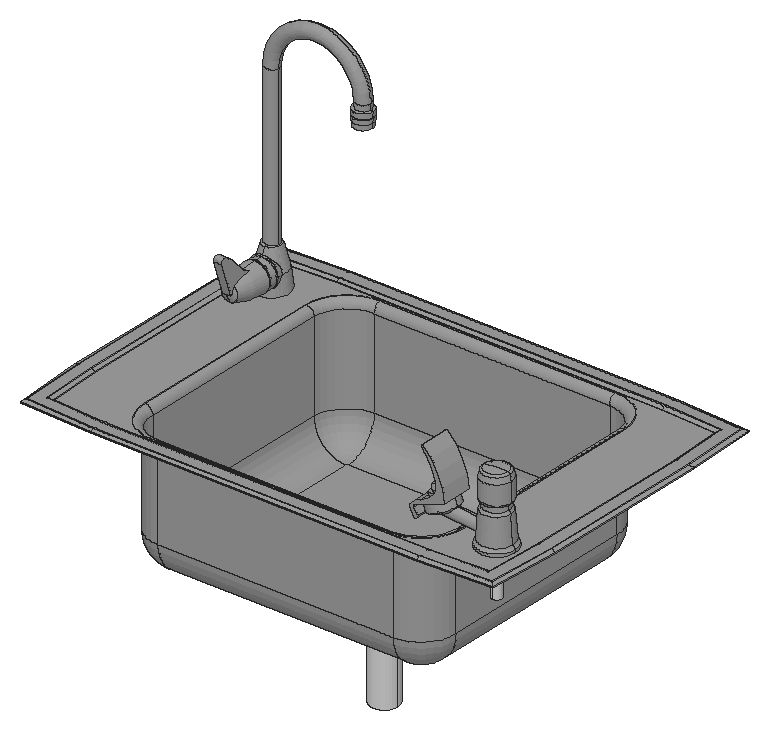
Revit family "equip-sink-clsrm-elkay-s-celebrity-cdkrad2517-vrc", category Plumbing Fixtures, Revit 2019
Family settings
  Round Connector Dimension = Use Radius
  Part Type = Normal
  OmniClass Number = 23.45.05.14.14.27
  OmniClass Title = Service Sinks
  Work Plane-Based = Yes
  Always vertical = Yes
  Cut with Voids When Loaded = No
  Shared = No
  Room Calculation Point = No
Parameters (values of type "CDKR2517VRC")
  URL = "www.elkayusa.com"
  Stem Material = Metal - Steel
  Specification Sheet URL = "http://www.elkayusa.com/cps/rde/xbcr/elkay/01-08G_CDKR2517_CDKAD2517_CDKRC2517.pdf"
  Sink Width = 1' - 5"
  Sink Material = Metal - Steel - Stainless - Chrome
  Sink Length = 2' - 1"
  Sink Ledge Right Width Hidden = if(Sink Ledge Right Width > 0' 1 1/2", Sink Ledge Right Width, 0' 1 1/2")  # 0' - 4 5/8"
  Sink Ledge Right Width = 0' - 4 5/8"
  Sink Ledge Left Width Hidden = if(Sink Ledge Left Width > 0' 1 1/2", Sink Ledge Left Width, 0' 1 1/2")  # 0' - 4 5/8"
  Sink Ledge Left Width = 0' - 4 5/8"
  Sink Ledge Front Width Hidden = if(Sink Ledge Front Width > 0' 1 1/2", Sink Ledge Front Width, 0' 1 1/2")  # 0' - 1 1/2"
  Sink Ledge Front Width = 0' - 1 1/2"
  Sink Ledge Back Width Hidden = if(Sink Ledge Back Width > 0' 1 1/2", Sink Ledge Back Width, 0' 1 1/2")  # 0' - 1 1/2"
  Sink Ledge Back Width = 0' - 1 1/2"
  Sink Part = "CDKR2517-2"
  Right Faucet Hole Three Top = 0' - 0 1/8"
  Right Faucet Hole Three = Right Faucet Hole Three Top > 0' 0 63/256"  # no
  Right Faucet Hole OneTwo Top = 0' - 0 1/8"
  Right Faucet Hole OneTwo = Right Faucet Hole OneTwo Top > 0' 0 63/256"  # no
  Right Faucet Hole One to CL = 0' - 4"
  Nominal Radius = Nominal Dia / 2  # 0' - 0 3/16"
  Nominal Dia = 0' - 0 3/8"
  Left Faucet Hole Three = Left Faucet Hole Three Top > 0' 0 63/256"  # no
  Left Faucet Hole OneTwo = Left Faucet Hole OneTwo Top > 0' 0 63/256"  # no
  HW Flow Rate = 2 GPM
  Faucet Part = "LKDVR208513-L"
  Faucet Material = Metal - Steel - Stainless - Chrome
  Drain Part = "LKVR18"
  Drain Material = Metal - Steel - Stainless - Chrome
  CW Flow Rate = 2 GPM
  Bubbler Part = "LKVR1141A"
  Bubbler Nominal Radius = Bubbler Nominal Dia / 2  # 0' - 0 1/4"
  Bubbler Nominal Dia = 0' - 0 1/2"
  Bubbler Material = Metal - Steel - Stainless - Chrome
  Bubbler CW Flow Rate = 2 GPM
  Bubbler Back Left = Bubbler Back Left Top > 0' 0 63/256"  # yes
  Bubbler Front Right = Bubbler Front Right Top > 0' 0 63/256"  # yes
  Bubbler Front Left = Bubbler Front Left Top > 0' 0 63/256"  # no
  Bubbler Back Right = Bubbler Back Right Top > 0' 0 63/256"  # no
  Back Faucet Hole Three = Back Faucet Hole Three Top > 0' 0 63/256"  # no
  Back Faucet Hole OneTwo = Back Faucet Hole OneTwo Top > 0' 0 63/256"  # no
  Back Faucet CL to Back = 0' - 2 1/4"
  Left Faucet Hole Three Top = 0' - 0 1/8"
  Left Faucet Hole OneTwo Top = 0' - 0 1/8"
  Bubbler Back Right Top = 0' - 0 1/8"
  Bubbler Front Right Radius = 0' - 0 9/16"
  Bubbler Front Left Radius = 0' - 0 9/16"
  Back Faucet Hole One to CL = 0' - 4"
  Drain CL LR to Left Bowl Edge = Bowl Length / 2  # 0' - 7 7/8"
  Bubbler Right from Edge = 0' - 2 1/4"
  Bubbler Back Left Top = 0' - 0 1/2"
  Bubbler Front Left Top = 0' - 0 1/8"
  Bubbler Left From Edge = 0' - 2 1/4"
  Back Faucet Hole Three Top = 0' - 0 1/8"
  Back Faucet Hole OneTwo Top = 0' - 0 1/8"
  Bowl Depth = 0' - 6 7/8"
  Bubbler Front Right Top = 0' - 0 1/2"
  Sanitary Flow Rate = 10 GPM
  OmniClass Title = "Service Sinks"
  OmniClass Code = "23.45.05.14.14.27"
  Sanitary Nominal Radius = Sanitary Nominal Dia / 2  # 0' - 0 3/4"
  Sanitary Nominal Dia = 0' - 1 1/2"
  Model = "CDKR2517VRC"
  Minimum Cabinet Width = "30\""
  MasterFormat Title = "Commercial Sinks"
  MasterFormat Number = "22.42.16.16"
  Manufacturer = "Elkay Manufacturing"
  Bowl Drain Location FB = 0' - 7"
  Description = "Lustertone Classroom Single Bowl Sink"
  Default Elevation = 3' - 0"
  Deep Specification Sheet URL = ""
  Date Created = "2011-05-08"
  Bowl Length = Sink Length - Sink Ledge Left Width - Sink Ledge Right Width  # 1' - 3 3/4"
  Bowl Width = (Sink Width - Sink Ledge Front Width - Sink Ledge Back Width)  # 1' - 2"
  Assembly Code = "D2010410"
Reference planes (in)
  plane 1 "CL Sink Hole": y = 0
  plane 2 "Sink Deck": z = 0
  plane 3 "Center (Left/Right)": x = 0
  plane 4 "Basin Edge Left": x = -7.875
  plane 5 "Basin Edge Right": x = 7.875
  plane 6 "Back Right Bowl Edge": y = 7
  plane 7 "Basin Edge Front": y = -7
  plane 8 "Left": x = -12.5
  plane 9 "Right": x = 12.5
  plane 10 "Back": y = 8.5
  plane 11 "Front": y = -8.5
  plane 12 "Sink Angle Back Corner": y = 8.3125
  plane 13 "Sink Angle Right Corner": x = 12.3125
  plane 14 "Sink Angle Right": x = 8.5
  plane 15 "Sink Angle Back": y = 4.5
  plane 16 "Sink Angle Left": x = -8.5
  plane 17 "Sink Angle Left Corner": x = -12.3125
  plane 18 "Sink Angle Front Corner": y = -8.3125
  plane 19 "Sink Angle Front": y = -4.5
  plane 20 "Edge Opening Right": x = 8.296875
  plane 21 "Edge Opening Left": x = -8.296875
  plane 22 "Sink Top Piece Bottom Face": z = -0.0625
  plane 23 "Top Radius Corner Prot": z = -0.421875
  plane 24 "Left Sink Bottom Piece Left Edge": x = -6.1875
  plane 25 "Sink Bottom Piece Right Edge": x = 6.1875
  plane 26 "Sink Bottom Piece Back Edge": y = 5.3125
  plane 27 "Sink Bottom Piece Front Edge": y = -5.3125
  plane 28 "Center (Front/Back)": y = 0
  plane 29 "Right Bowl CL Drain": x = 0
  plane 30 "Edge Opening Front": y = -7.421875
  plane 31 "Right Sink Right Edge Radius": x = 6.125
  plane 32 "Front Edge Bottom Edge Radius": y = -5.25
  plane 33 "Back Edge Bottom Edge Radius": y = 5.25
  plane 34 "Back Right Edge Opening": y = 7.421875
  plane 35 "Left Bowl Bottom Edge Radius": x = -6.125
  plane 36 "Masking Region": z = 1.2515695
  plane 37 "Sink Angle Right Inside Corner": x = 11.4925507
  plane 38 "Sink Angle Back Inside Corner": y = 7.4925507
  plane 39 "Sink Angle Front Inside Corner": y = -7.4925507
  plane 40 "Sink Angle Left Inside Corner": x = -11.4925507
  plane 41 "Sink Angle Right Inside Offset Corner": x = 11.3511143
  plane 42 "Sink Angle Back Inside Offset Corner": y = 7.3511143
  plane 43 "Sink Angle Front Inside Offset Corner": y = -7.3511143
  plane 44 "Sink Angle Left Inside Offset Corner": x = -11.3511143
  plane 45 "Right Bowl Bottom Top Face": z = -6.7547681
  plane 46 "Right Bowl Bottom Bottom Face": z = -6.8172681
  plane 47 "Right Bowl Bottom Top of Radius": z = -5.0672681
  plane 48 "Right Sink Drain Elev Bottom": z = -8.2547681
  plane 49 "Right Sink Drain Top Elev": z = -8.0047681
  plane 50 "Faucet Hole Bottom": z = -0.25
  plane 51 "Left Faucet Hole Top": z = 0.25
  plane 52 "Faucet Hole CL Front/Back": y = 6.25
  plane 53 "Faucet Back Hole One-Two": z = -0.125
  plane 54 "Right Faucet Hole 1": x = -4
  plane 55 "Right Faucet Hole 2": x = 0
  plane 56 "Right Faucet Hole 3": x = 4
  plane 57 "Left  Bubbler CL Left/Right": x = -10.25
  plane 58 "Right Bubbler CL Left/Right": x = 10.25
  plane 59 "Bubbler Front CL": y = -5.5
  plane 60 "Top of Rim": z = 0.1202319
  plane 61 "CL Bowl Left/Right": x = 0
  plane 62 "Left Front Bubbler Top": z = -0.125
  plane 63 "Faucet Back Hole Three": z = -0.125
  plane 64 "Bubbler Rear CL F B": y = 5.5
  plane 65 "Bubbler Rear Left Top": z = 0.25
  plane 66 "Right Faucet Hole Three": y = 4
  plane 67 "Right Faucet Hole Two": y = 0
  plane 68 "Right Faucet Hole One": y = -4
  plane 69 "CL Bowl Front/Back": y = 0
  plane 70 "Right Faucet Hole OneTwo Top": z = -0.125
  plane 71 "Right Faucet Hole Three Top": z = -0.125
  plane 72 "Left Faucet Hole OneTwo Top": z = -0.125
  plane 73 "Left Faucet Hole Three Top": z = -0.125
  plane 74 "Bubble Rear Right Top": z = -0.125
Forms (in)
  Extrusion 1, solid, material "Metal - Steel - Stainless - Chrome" <- "Sink Material"
    sketch origin (0, 0, 0) x (1, 0, 0) y (0, 1, 0)
      loop
        line (-6.125, -7.421875) -> (6.125, -7.421875)
        arc (6.125, -7.421875) -> (7.6607475, -6.7857475) -> (8.296875, -5.25) r 2.171875
        line (8.296875, -5.25) -> (8.296875, 5.25)
        arc (8.296875, 5.25) -> (7.6607475, 6.7857475) -> (6.125, 7.421875) r 2.171875
        line (6.125, 7.421875) -> (-6.125, 7.421875)
        arc (-6.125, 7.421875) -> (-7.6607475, 6.7857475) -> (-8.296875, 5.25) r 2.171875
        line (-8.296875, 5.25) -> (-8.296875, -5.25)
        arc (-8.296875, -5.25) -> (-7.6607475, -6.7857475) -> (-6.125, -7.421875) r 2.171875
      loop
        line (-8.5, 7.4925507) -> (-11.3511143, 7.3511143) -> (-11.4925507, 4.5) -> (-11.4925507, -4.5) -> (-11.3511143, -7.3511143) -> (-8.5, -7.4925507) -> (8.5, -7.4925507) -> (11.3511143, -7.3511143) -> (11.4925507, -4.5) -> (11.4925507, 4.5) -> (11.3511143, 7.3511143) -> (8.5, 7.4925507) -> (-8.5, 7.4925507)
    from -0.0625 to 0
  Extrusion 2, solid, material "Metal - Steel - Stainless - Chrome" <- "Sink Material"
    sketch origin (0, 0, 0) x (1, 0, 0) y (0, 1, 0)
      loop
        arc (-6.125, 5.3125) -> (-6.1691942, 5.2941942) -> (-6.1875, 5.25) r 0.0625
        line (-6.1875, 5.25) -> (-6.1875, -5.25)
        arc (-6.1875, -5.25) -> (-6.1691942, -5.2941942) -> (-6.125, -5.3125) r 0.0625
        line (-6.125, -5.3125) -> (6.125, -5.3125)
        arc (6.125, -5.3125) -> (6.1691942, -5.2941942) -> (6.1875, -5.25) r 0.0625
        line (6.1875, -5.25) -> (6.1875, 5.25)
        arc (6.1875, 5.25) -> (6.1691942, 5.2941942) -> (6.125, 5.3125) r 0.0625
        line (6.125, 5.3125) -> (-6.125, 5.3125)
      loop
        circle (0, 0) r 2.25
    from -6.8172681 to -6.7547681
  Sweep 3, solid, material "Metal - Steel - Stainless - Chrome" <- "Sink Material"
    path origin (0, 0, -6.7547681) x (-1, 0, 0) y (0, -1, 0)
      loop
        circle (0, 0) r 2.25
    profile "profile-elkay-sink-d4-csk : profile-elkay-sink-d4-csk" origin (0, -2.25, -6.7547681) x (0, 1, 0) y (0, 0, 1)
      loop
        line (0.5, -0.2911069) -> (0.1564602, -0.1343744)
        arc (0.1564602, -0.1343744) -> (0.1424945, -0.125589) -> (0.1313144, -0.1134552) r 0.0625
        line (0.1313144, -0.1134552) -> (0.0881719, -0.0522605)
        arc (0.0881719, -0.0522605) -> (0.0506391, -0.015074) -> (0, 0) r 0.1086
        line (0, 0) -> (0, -0.0461763)
        arc (0, -0.0461763) -> (0.0262058, -0.0541921) -> (0.0464633, -0.0726483) r 0.0625
        line (0.0464633, -0.0726483) -> (0.093406, -0.1396891)
        arc (0.093406, -0.1396891) -> (0.1129384, -0.1609677) -> (0.1373891, -0.1763448) r 0.1086
        line (0.1373891, -0.1763448) -> (0.5, -0.3417784) -> (0.5, -0.2911069)
  Sweep 4, solid, material "Metal - Steel - Stainless - Chrome" <- "Sink Material"
    path origin (0, 0, 0) x (1, 0, 0) y (0, 1, 0)
      loop
        line (-6.125, -7) -> (6.125, -7)
        arc (6.125, -7) -> (7.3624369, -6.4874369) -> (7.875, -5.25) r 1.75
        line (7.875, -5.25) -> (7.875, 5.25)
        arc (7.875, 5.25) -> (7.3624369, 6.4874369) -> (6.125, 7) r 1.75
        line (6.125, 7) -> (-6.125, 7)
        arc (-6.125, 7) -> (-7.3624369, 6.4874369) -> (-7.875, 5.25) r 1.75
        line (-7.875, 5.25) -> (-7.875, -5.25)
        arc (-7.875, -5.25) -> (-7.3624369, -6.4874369) -> (-6.125, -7) r 1.75
    profile origin (0, -7, 0) x (0, 1, 0) y (0, 0, 1)
      loop
        arc (0, -0.421875) -> (-0.1235643, -0.1235643) -> (-0.421875, 0) r 0.421875
        line (-0.421875, 0) -> (-0.421875, -0.0625)
        arc (-0.421875, -0.0625) -> (-0.1677585, -0.1677585) -> (-0.0625, -0.421875) r 0.359375
        line (-0.0625, -0.421875) -> (-0.0625, -5.0672681)
        arc (-0.0625, -5.0672681) -> (0.4500631, -6.304705) -> (1.6875, -6.8172681) r 1.75
        line (1.6875, -6.8172681) -> (1.6875, -6.7547681)
        arc (1.6875, -6.7547681) -> (0.4942573, -6.2605108) -> (0, -5.0672681) r 1.6875
        line (0, -5.0672681) -> (0, -0.421875)
  Extrusion 5, solid, material "Glass", not visible
    sketch origin (0, 0, -4.7547681) x (0, -1, 0) y (1, 0, 0)
      loop
        circle (0, 0) r 0.75
    from -3.5 to -3.25
  Sweep 6, solid, material "Metal - Steel - Stainless - Chrome" <- "Sink Material"
    path origin (0, 0, 0) x (1, 0, 0) y (0, 1, 0)
      loop
        line (-8.5, -8.5) -> (8.5, -8.5) -> (12.3125, -8.3125) -> (12.5, -4.5) -> (12.5, 4.5) -> (12.3125, 8.3125) -> (8.5, 8.5) -> (-8.5, 8.5) -> (-12.3125, 8.3125) -> (-12.5, 4.5) -> (-12.5, -4.5) -> (-12.3125, -8.3125) -> (-8.5, -8.5)
    profile "profile-elkay-sink-rim-9 : profile-elkay-sink-rim-9" origin (0, -8.5, 0) x (0, 1, 0) y (0, 0, 1)
      loop
        line (0, 0.0163327) -> (0, -0.0360681) -> (0.2039181, 0.0741316) -> (0.8052651, 0.0741316) -> (1.0074493, -0.0546586) -> (1.0074493, 0) -> (0.841093, 0.1059673)
        arc (0.841093, 0.1059673) -> (0.8176388, 0.1165931) -> (0.7921483, 0.1202319) r 0.091102
        line (0.7921483, 0.1202319) -> (0.2153023, 0.1202319)
        arc (0.2153023, 0.1202319) -> (0.1929626, 0.1174506) -> (0.1719868, 0.1092765) r 0.0911081
        line (0.1719868, 0.1092765) -> (0, 0.0163327)
  Extrusion 7, void
    sketch origin (0, 0, 0) x (1, 0, 0) y (0, 1, 0)
      loop
        circle (10.25, -5.5) r 0.5625
    from -0.25 to 0.25
  Extrusion 8, void
    sketch origin (0, 0, 0) x (1, 0, 0) y (0, 1, 0)
      loop
        circle (-10.25, 5.5) r 0.5625
    from -0.25 to 0.25
Cuts and joins
  joined: Extrusion 2, Sweep 3, Sweep 4
  Extrusion 7, Extrusion 8 cuts Extrusion 1
Lines and regions (in)
  Masking region 1
    outline origin (0, 0, 1.2515695) x (-1, 0, 0) y (0, -1, 0)
      loop
        line (8.5, -8.5) -> (12.3125, -8.3125) -> (12.5, -4.5) -> (12.5, 4.5) -> (12.3125, 8.3125) -> (8.5, 8.5) -> (-8.5, 8.5) -> (-12.3125, 8.3125) -> (-12.5, 4.5) -> (-12.5, -4.5) -> (-12.3125, -8.3125) -> (-8.5, -8.5) -> (8.5, -8.5)
  reference lines, not visible
    curve 1: line (8.5, 8.5, 0) -> (12.3125, 8.3125, 0)
    curve 2: line (12.3125, 8.3125, 0) -> (12.5, 4.5, 0)
    curve 3: line (-8.5, 8.5, 0) -> (-12.3125, 8.3125, 0)
    curve 4: line (-12.3125, 8.3125, 0) -> (-12.5, 4.5, 0)
    curve 5: line (-12.5, -4.5, 0) -> (-12.3125, -8.3125, 0)
    curve 6: line (-12.3125, -8.3125, 0) -> (-8.5, -8.5, 0)
    curve 7: line (12.5, -4.5, 0) -> (12.3125, -8.3125, 0)
    curve 8: line (12.3125, -8.3125, 0) -> (8.5, -8.5, 0)
    curve 9: arc (0, -7, -0.421875) -> (0, -7.1235643, -0.1235643) -> (0, -7.421875, 0) r 0.421875
    curve 10: arc (6.1875, 5.25, 0) -> (6.1691942, 5.2941942, 0) -> (6.125, 5.3125, 0) r 0.0625
    curve 11: arc (-7.1875, 5.25, 0) -> (-7.1691942, 5.2941942, 0) -> (-7.125, 5.3125, 0) r 0.0625
    curve 12: arc (-7.125, -5.3125, 0) -> (-7.1691942, -5.2941942, 0) -> (-7.1875, -5.25, 0) r 0.0625
    curve 13: arc (6.1875, -5.25, 0) -> (6.1691942, -5.2941942, 0) -> (6.125, -5.3125, 0) r 0.0625
    curve 14: arc (7.875, 5.25, 0) -> (7.3624369, 6.4874369, 0) -> (6.125, 7, 0) r 1.75
    curve 15: arc (7.875, -5.25, 0) -> (7.3624369, -6.4874369, 0) -> (6.125, -7, 0) r 1.75
  reference lines
    curve 16: arc (8.296875, 5.25, 0) -> (7.6607475, 6.7857475, 0) -> (6.125, 7.421875, 0) r 2.171875
    curve 17: arc (8.296875, -5.25, 0) -> (7.6607475, -6.7857475, 0) -> (6.125, -7.421875, 0) r 2.171875
    curve 21: line (11.4925507, -4.5, 0) -> (11.3511143, -7.3511143, 0)
    curve 22: line (8.5, -7.4925507, 0) -> (11.3511143, -7.3511143, 0)
    curve 23: line (-11.4925507, -4.5, 0) -> (-11.3511143, -7.3511143, 0)
    curve 24: line (11.4925507, 4.5, 0) -> (11.3511143, 7.3511143, 0)
    curve 25: line (11.3511143, 7.3511143, 0) -> (8.5, 7.4925507, 0)
    curve 26: line (-8.5, 7.4925507, 0) -> (-11.3511143, 7.3511143, 0)
    curve 27: line (-11.3511143, 7.3511143, 0) -> (-11.4925507, 4.5, 0)
    curve 28: line (-8.5, -7.4925507, 0) -> (-11.3511143, -7.3511143, 0)
    curve 29: arc (0, -5.3125, -6.7547681) -> (0, -6.5057427, -6.2605108) -> (0, -7, -5.0672681) r 1.6875
    curve 30: arc (-6.125, -5.3125, 0) -> (-6.1691942, -5.2941942, 0) -> (-6.1875, -5.25, 0) r 0.0625
    curve 31: arc (-6.125, -7, 0) -> (-7.3624369, -6.4874369, 0) -> (-7.875, -5.25, 0) r 1.75
    curve 32: arc (-8.296875, -5.25, 0) -> (-7.6607475, -6.7857475, 0) -> (-6.125, -7.421875, 0) r 2.171875
    curve 33: arc (-7.875, 5.25, 0) -> (-7.3624369, 6.4874369, 0) -> (-6.125, 7, 0) r 1.75
    curve 34: arc (-8.296875, 5.25, 0) -> (-7.6607475, 6.7857475, 0) -> (-6.125, 7.421875, 0) r 2.171875
    curve 35: arc (-6.1875, 5.25, 0) -> (-6.1691942, 5.2941942, 0) -> (-6.125, 5.3125, 0) r 0.0625
    curve 53: circle (10.25, -5.5, 0) r 0.5625 normal (0, 0, 1)
    curve 54: circle (-10.25, -5.5, 0) r 0.5625 normal (0, 0, 1)
    curve 58: circle (0, 0, 0) r 0.75 normal (0, 0, 1)
  symbolic lines, style "Sinks"
    curve 18: line (7.875, 5.25, 1.2515695) -> (7.875, -4.7230939, 1.2515695)
    curve 20: arc (7.875, 5.25, 1.2515695) -> (7.3624369, 6.4874369, 1.2515695) -> (6.125, 7, 1.2515695) r 1.75
    curve 36: line (-6.125, 7, 1.2515695) -> (6.125, 7, 1.2515695)
    curve 37: line (-6.125, -7, 1.2515695) -> (6.125, -7, 1.2515695)
    curve 39: arc (-6.125, -7, 1.2515695) -> (-7.3624369, -6.4874369, 1.2515695) -> (-7.875, -5.25, 1.2515695) r 1.75
    curve 41: line (-8.5, 7.4925507, 1.2515695) -> (8.5, 7.4925507, 1.2515695)
    curve 42: line (-11.4925507, -4.5, 1.2515695) -> (-11.4925507, 4.5, 1.2515695)
    curve 43: line (11.4925507, 4.5, 1.2515695) -> (11.4925507, -4.5, 1.2515695)
    curve 44: line (8.5, -7.4925507, 1.2515695) -> (-8.5, -7.4925507, 1.2515695)
    curve 45: line (11.4925507, -4.5, 1.2515695) -> (11.3511143, -7.3511143, 1.2515695)
    curve 46: line (8.5, -7.4925507, 1.2515695) -> (11.3511143, -7.3511143, 1.2515695)
    curve 47: line (-8.5, -7.4925507, 1.2515695) -> (-11.3511143, -7.3511143, 1.2515695)
    curve 48: line (-8.5, 7.4925507, 1.2515695) -> (-11.3511143, 7.3511143, 1.2515695)
    curve 49: line (-11.3511143, 7.3511143, 1.2515695) -> (-11.4925507, 4.5, 1.2515695)
    curve 50: line (11.3511143, 7.3511143, 1.2515695) -> (8.5, 7.4925507, 1.2515695)
    curve 51: line (11.4925507, 4.5, 1.2515695) -> (11.3511143, 7.3511143, 1.2515695)
    curve 52: line (-11.4925507, -4.5, 1.2515695) -> (-11.3511143, -7.3511143, 1.2515695)
    curve 59: circle (0, 0, 0) r 2.25 normal (0, 0, 1)
    curve 60: circle (0, 0, 0) r 1.75 normal (0, 0, 1)
    curve 61: arc (-7.6419723, 6.1225222, 1.2515695) -> (-7.001238, 6.764829, 1.2515695) -> (-6.125, 7, 1.2515695) r 1.75
    curve 63: arc (7.3145741, -6.5335161, 1.2515695) -> (6.7638845, -6.8792104, 1.2515695) -> (6.125, -7, 1.2515695) r 1.75
    curve 65: arc (-7.7565298, 5.8829381, 1.2515695) -> (-7.7038022, 6.0049063, 1.2515695) -> (-7.6419723, 6.1225222, 1.2515695) r 1.75
    curve 66: line (-7.875, 5.1183107, 1.2515695) -> (-7.875, -5.25, 1.2515695)
    curve 67: arc (7.5354464, -6.2859252, 1.2515695) -> (7.4308912, -6.414967, 1.2515695) -> (7.3145741, -6.5335161, 1.2515695) r 1.75
  symbolic lines, style "InvisibleLines"
    curve 19: arc (7.875, -5.25, 1.2515695) -> (7.7879464, -5.7950775, 1.2515695) -> (7.5354464, -6.2859252, 1.2515695) r 1.75
    curve 38: line (-7.875, 5.25, 1.2515695) -> (-7.875, 5.1183107, 1.2515695)
    curve 40: arc (-7.875, 5.25, 1.2515695) -> (-7.8739089, 5.3117879, 1.2515695) -> (-7.8706369, 5.3734987, 1.2515695) r 1.75
    curve 62: arc (-7.8706369, 5.3734987, 1.2515695) -> (-7.8326872, 5.6324974, 1.2515695) -> (-7.7565298, 5.8829381, 1.2515695) r 1.75
    curve 64: line (7.875, -4.7230939, 1.2515695) -> (7.875, -5.25, 1.2515695)
  symbolic lines, style "InvisibleLines", visible <- "Bubbler Back Left"
    curve 55: circle (-10.25, 5.5, 1.2515695) r 0.5625 normal (0, 0, 1)
  symbolic lines, style "InvisibleLines", visible <- "Bubbler Front Right"
    curve 56: circle (10.25, -5.5, 1.2515695) r 0.5625 normal (0, 0, 1)
  symbolic lines, style "Sinks", visible <- "Left Faucet Hole Three"
    curve 57: circle (-10.25, 4, 1.2515695) r 0.75 normal (0, 0, 1)
Dimensions and locks (in)
  "Sink Ledge Left Width Hidden": plane 8 "Left" to plane 4 "Basin Edge Left"
  "Sink Ledge Right Width Hidden": plane 5 "Basin Edge Right" to plane 9 "Right"
  "Sink Length": plane 8 "Left" to plane 9 "Right"
  "Bowl Drain Location FB": plane 6 "Back Right Bowl Edge" to plane 1 "CL Sink Hole"
  "Sink Ledge Back Width Hidden": plane 10 "Back" to plane 6 "Back Right Bowl Edge"
  "Sink Ledge Front Width Hidden": plane 7 "Basin Edge Front" to plane 11 "Front"
  locked: plane 13 "Sink Angle Right Corner" to plane 9 "Right" at 0.1875
  locked: plane 10 "Back" to plane 12 "Sink Angle Back Corner" at 0.1875
  locked: plane 14 "Sink Angle Right" to plane 9 "Right" at 4
  locked: plane 10 "Back" to plane 15 "Sink Angle Back" at 4
  locked: plane 8 "Left" to plane 17 "Sink Angle Left Corner" at 0.1875
  locked: plane 8 "Left" to plane 16 "Sink Angle Left" at 4
  locked: plane 18 "Sink Angle Front Corner" to plane 11 "Front" at 0.1875
  locked: plane 19 "Sink Angle Front" to plane 11 "Front" at 4
  "Sink Width": plane 10 "Back" to plane 11 "Front"
  locked: plane 21 "Edge Opening Left" to plane 4 "Basin Edge Left" at 0.421875
  locked: plane 27 "Sink Bottom Piece Front Edge" to plane 7 "Basin Edge Front" at 1.6875
  locked: plane 4 "Basin Edge Left" to plane 24 "Left Sink Bottom Piece Left Edge" at 1.6875
  locked: plane 25 "Sink Bottom Piece Right Edge" to plane 5 "Basin Edge Right" at 1.6875
  locked: plane 6 "Back Right Bowl Edge" to plane 26 "Sink Bottom Piece Back Edge" at 1.6875
  locked: plane 5 "Basin Edge Right" to plane 20 "Edge Opening Right" at 0.421875
  equal spacing: plane 10 "Back", plane 28 "Center (Front/Back)", plane 11 "Front"
  equal spacing: plane 8 "Left", plane 3 "Center (Left/Right)", plane 9 "Right"
  locked: plane 31 "Right Sink Right Edge Radius" to plane 25 "Sink Bottom Piece Right Edge" at 0.0625
  locked: plane 32 "Front Edge Bottom Edge Radius" to plane 27 "Sink Bottom Piece Front Edge" at 0.0625
  locked: plane 26 "Sink Bottom Piece Back Edge" to plane 33 "Back Edge Bottom Edge Radius" at 0.0625
  locked: plane 34 "Back Right Edge Opening" to plane 6 "Back Right Bowl Edge" at 0.421875
  locked: plane 7 "Basin Edge Front" to plane 30 "Edge Opening Front" at 0.421875
  locked: plane 24 "Left Sink Bottom Piece Left Edge" to plane 35 "Left Bowl Bottom Edge Radius" at 0.0625
  locked: plane 2 "Sink Deck" to plane 23 "Top Radius Corner Prot" at 0.421875
  locked: plane 2 "Sink Deck" to plane 22 "Sink Top Piece Bottom Face" at 0.0625
  locked: plane 36 "Masking Region" to plane 2 "Sink Deck" at 1.2515695
  locked: plane 37 "Sink Angle Right Inside Corner" to plane 9 "Right" at 1.0074493
  locked: plane 8 "Left" to plane 40 "Sink Angle Left Inside Corner" at 1.0074493
  locked: plane 10 "Back" to plane 38 "Sink Angle Back Inside Corner" at 1.0074493
  locked: plane 39 "Sink Angle Front Inside Corner" to plane 11 "Front" at 1.0074493
  locked: plane 41 "Sink Angle Right Inside Offset Corner" to plane 37 "Sink Angle Right Inside Corner" at 0.1414364
  locked: plane 42 "Sink Angle Back Inside Offset Corner" to plane 38 "Sink Angle Back Inside Corner" at 0.1414364
  locked: plane 39 "Sink Angle Front Inside Corner" to plane 43 "Sink Angle Front Inside Offset Corner" at 0.1414364
  locked: plane 40 "Sink Angle Left Inside Corner" to plane 44 "Sink Angle Left Inside Offset Corner" at 0.1414364
  locked: plane 47 "Right Bowl Bottom Top of Radius" to plane 45 "Right Bowl Bottom Top Face" at 1.6875
  locked: plane 45 "Right Bowl Bottom Top Face" to plane 46 "Right Bowl Bottom Bottom Face" at 0.0625
  "Bowl Depth": plane 60 "Top of Rim" to plane 45 "Right Bowl Bottom Top Face"
  locked: plane 49 "Right Sink Drain Top Elev" to plane 48 "Right Sink Drain Elev Bottom" at 0.25
  locked: plane 45 "Right Bowl Bottom Top Face" to plane 48 "Right Sink Drain Elev Bottom" at 1.5
  "Back Faucet CL to Back": plane 10 "Back" to plane 52 "Faucet Hole CL Front/Back"
  locked: plane 2 "Sink Deck" to plane 50 "Faucet Hole Bottom" at 0.25
  "Bubbler Front Right Top": plane 51 "Left Faucet Hole Top" to plane 50 "Faucet Hole Bottom"
  "Back Faucet Hole OneTwo Top": plane 53 "Faucet Back Hole One-Two" to plane 50 "Faucet Hole Bottom"
  "Drain CL LR to Left Bowl Edge": plane 4 "Basin Edge Left" to plane 29 "Right Bowl CL Drain"
  locked: plane 54 "Right Faucet Hole 1" to plane 55 "Right Faucet Hole 2" at 4
  locked: plane 54 "Right Faucet Hole 1" to plane 56 "Right Faucet Hole 3" at 8
  "Bubbler Right from Edge": plane 58 "Right Bubbler CL Left/Right" to plane 9 "Right"
  "Bubbler Left From Edge": plane 8 "Left" to plane 57 "Left  Bubbler CL Left/Right"
  locked: plane 59 "Bubbler Front CL" to plane 11 "Front" at 3
  locked: plane 60 "Top of Rim" to plane 2 "Sink Deck" at 0.1202319
  "Back Faucet Hole One to CL": plane 54 "Right Faucet Hole 1" to plane 61 "CL Bowl Left/Right"
  equal spacing: plane 4 "Basin Edge Left", plane 61 "CL Bowl Left/Right", plane 5 "Basin Edge Right"
  "Bubbler Front Left Top": plane 62 "Left Front Bubbler Top" to plane 50 "Faucet Hole Bottom"
  "Back Faucet Hole Three Top": plane 50 "Faucet Hole Bottom" to plane 63 "Faucet Back Hole Three"
  locked: plane 10 "Back" to plane 64 "Bubbler Rear CL F B" at 3
  "Bubbler Back Left Top": plane 65 "Bubbler Rear Left Top" to plane 50 "Faucet Hole Bottom"
  equal spacing: plane 6 "Back Right Bowl Edge", plane 69 "CL Bowl Front/Back", plane 7 "Basin Edge Front"
  "Right Faucet Hole One to CL": plane 69 "CL Bowl Front/Back" to plane 68 "Right Faucet Hole One"
  locked: plane 67 "Right Faucet Hole Two" to plane 68 "Right Faucet Hole One" at 4
  locked: plane 66 "Right Faucet Hole Three" to plane 68 "Right Faucet Hole One" at 8
  "Right Faucet Hole OneTwo Top": plane 70 "Right Faucet Hole OneTwo Top" to plane 50 "Faucet Hole Bottom"
  "Right Faucet Hole Three Top": plane 71 "Right Faucet Hole Three Top" to plane 50 "Faucet Hole Bottom"
  "Left Faucet Hole OneTwo Top": plane 72 "Left Faucet Hole OneTwo Top" to plane 50 "Faucet Hole Bottom"
  "Left Faucet Hole Three Top": plane 73 "Left Faucet Hole Three Top" to plane 50 "Faucet Hole Bottom"
  "Bubbler Back Right Top": plane 74 "Bubble Rear Right Top" to plane 50 "Faucet Hole Bottom"
  "Bubbler Front Right Radius": radius of curve 53
  "Bubbler Front Left Radius": radius of curve 54
  "Sanitary Nominal Radius": radius of curve 58
  aligned: Extrusion 1 to plane 22 "Sink Top Piece Bottom Face"
  aligned and locked: Extrusion 2 sketch curve to curve 13
  aligned and locked: Extrusion 2 sketch curve to curve 10
  aligned and locked: Sweep 4 sketch curve to curve 14
  aligned and locked: Sweep 4 sketch curve to curve 15
  aligned and locked: Sweep 4 sketch curve to curve 9
  aligned and locked: Extrusion 1 sketch curve to curve 16
  aligned and locked: Extrusion 1 sketch curve to curve 17
  aligned and locked: plane 2 "Sink Deck" to Extrusion 1
  aligned and locked: Extrusion 1 to plane 22 "Sink Top Piece Bottom Face"
  aligned and locked: curve 19 to curve 15
  aligned and locked: curve 20 to curve 14
  aligned and locked: Sweep 6 sketch curve to plane 11 "Front"
  aligned and locked: Sweep 6 sketch curve to plane 9 "Right"
  aligned and locked: Sweep 6 sketch curve to plane 10 "Back"
  aligned and locked: Sweep 6 sketch curve to plane 8 "Left"
  aligned and locked: Sweep 6 sketch curve to curve 4
  aligned and locked: Sweep 6 sketch curve to curve 5
  aligned and locked: Sweep 6 sketch curve to curve 7
  aligned and locked: Sweep 6 sketch curve to curve 8
  aligned and locked: Sweep 6 sketch curve to curve 2
  aligned and locked: Sweep 6 sketch curve to curve 1
  aligned and locked: Sweep 6 sketch curve to curve 3
  aligned and locked: Sweep 6 sketch curve to curve 6
  aligned and locked: Extrusion 1 sketch curve to plane 38 "Sink Angle Back Inside Corner"
  aligned and locked: Extrusion 1 sketch curve to plane 40 "Sink Angle Left Inside Corner"
  aligned and locked: Extrusion 1 sketch curve to plane 37 "Sink Angle Right Inside Corner"
  aligned and locked: Extrusion 1 sketch curve to plane 39 "Sink Angle Front Inside Corner"
  aligned and locked: Extrusion 1 sketch curve to curve 28
  aligned and locked: Extrusion 1 sketch curve to curve 23
  aligned and locked: Extrusion 1 sketch curve to curve 26
  aligned and locked: Extrusion 1 sketch curve to curve 27
  aligned and locked: Extrusion 1 sketch curve to curve 25
  aligned and locked: Extrusion 1 sketch curve to curve 24
  aligned and locked: Extrusion 1 sketch curve to curve 21
  aligned and locked: Extrusion 1 sketch curve to curve 22
  aligned and locked: Sweep 4 sketch curve to curve 29
  aligned and locked: plane 45 "Right Bowl Bottom Top Face" to cut or joined group of Extrusion 2, Sweep 3, Sweep 4
  aligned and locked: cut or joined group of Extrusion 2, Sweep 3, Sweep 4 to plane 46 "Right Bowl Bottom Bottom Face"
  aligned and locked: plane 49 "Right Sink Drain Top Elev" to Extrusion 5
  aligned and locked: Extrusion 5 to plane 48 "Right Sink Drain Elev Bottom"
  aligned and locked: Extrusion 7 to plane 50 "Faucet Hole Bottom"
  aligned: plane 53 "Faucet Back Hole One-Two" to Extrusion 7
  aligned and locked: plane 51 "Left Faucet Hole Top" to Extrusion 7
  aligned and locked: Masking region 1 sketch curve to plane 10 "Back"
  aligned and locked: Masking region 1 sketch curve to plane 8 "Left"
  aligned and locked: Masking region 1 sketch curve to plane 9 "Right"
  aligned and locked: Masking region 1 sketch curve to plane 11 "Front"
  aligned and locked: Masking region 1 sketch curve to curve 6
  aligned and locked: Masking region 1 sketch curve to curve 5
  aligned and locked: Masking region 1 sketch curve to curve 4
  aligned and locked: Masking region 1 sketch curve to curve 3
  aligned and locked: Masking region 1 sketch curve to curve 1
  aligned and locked: Masking region 1 sketch curve to curve 2
  aligned and locked: Masking region 1 sketch curve to curve 7
  aligned and locked: Masking region 1 sketch curve to curve 8
  aligned and locked: Sweep 4 sketch curve to curve 33
  aligned and locked: Sweep 4 sketch curve to curve 31
  aligned and locked: Extrusion 2 sketch curve to curve 35
  aligned and locked: Extrusion 2 sketch curve to curve 30
  aligned and locked: Extrusion 1 sketch curve to curve 34
  aligned and locked: Extrusion 1 sketch curve to curve 32
  aligned and locked: curve 39 to curve 31
  aligned and locked: curve 40 to curve 33
  aligned and locked: Extrusion 8 to plane 50 "Faucet Hole Bottom"
  aligned and locked: plane 65 "Bubbler Rear Left Top" to Extrusion 8
  aligned and locked: Extrusion 7 sketch curve to curve 53
  aligned and locked: curve 56 to curve 53
  aligned and locked: Extrusion 5 sketch curve to curve 58
  aligned and locked: plane 64 "Bubbler Rear CL F B" to nested 1
  aligned and locked: plane 57 "Left  Bubbler CL Left/Right" to nested 1
  aligned and locked: nested 2 to plane 59 "Bubbler Front CL"
  aligned and locked: nested 2 to plane 58 "Right Bubbler CL Left/Right"
  aligned and locked: plane 1 "CL Sink Hole" to nested 3
  aligned and locked: nested 3 to plane 29 "Right Bowl CL Drain"
  aligned and locked: nested 5 to plane 58 "Right Bubbler CL Left/Right"
  aligned and locked: nested 5 to plane 59 "Bubbler Front CL"
  aligned and locked: plane 64 "Bubbler Rear CL F B" to nested 4
  aligned and locked: plane 57 "Left  Bubbler CL Left/Right" to nested 4
Automatic sketch dimensions
  curve 9 to level = 0' - 0"
  curve 9 to plane 30 "Edge Opening Front" = 0' - 0"
  curve 29 to plane 7 "Basin Edge Front" = 0' - 0"
  curve 9 to plane 7 "Basin Edge Front" = 0' - 0"
  curve 29 to plane 27 "Sink Bottom Piece Front Edge" = 0' - 0"
  curve 29 to plane 45 "Right Bowl Bottom Top Face" = 0' - 0"
  Sweep 4 sketch curve to Sweep 4 sketch curve = 0' - 0"  (x2)
  profile plane to Sweep 4 sketch curve = 0' - 0 1/16"
  curve 45 to plane 19 "Sink Angle Front" = 0' - 0"
  curve 45 to plane 37 "Sink Angle Right Inside Corner" = 0' - 0"
  curve 46 to plane 41 "Sink Angle Right Inside Offset Corner" = 0' - 0"
  curve 51 to plane 41 "Sink Angle Right Inside Offset Corner" = 0' - 0"
  curve 46 to plane 14 "Sink Angle Right" = 0' - 0"
  curve 41 to plane 14 "Sink Angle Right" = 0' - 0"
  curve 47 to plane 16 "Sink Angle Left" = 0' - 0"
  curve 48 to plane 16 "Sink Angle Left" = 0' - 0"
  curve 55 to plane 57 "Left  Bubbler CL Left/Right" = 0' - 0"
  curve 57 to plane 57 "Left  Bubbler CL Left/Right" = 0' - 0"
  curve 47 to plane 43 "Sink Angle Front Inside Offset Corner" = 0' - 0"
  curve 47 to plane 44 "Sink Angle Left Inside Offset Corner" = 0' - 0"
  plane 42 "Sink Angle Back Inside Offset Corner" to curve 48 = 0' - 0"
  curve 48 to plane 44 "Sink Angle Left Inside Offset Corner" = 0' - 0"
  curve 49 to plane 15 "Sink Angle Back" = 0' - 0"
  curve 49 to plane 40 "Sink Angle Left Inside Corner" = 0' - 0"
  curve 41 to plane 38 "Sink Angle Back Inside Corner" = 0' - 0"
  plane 42 "Sink Angle Back Inside Offset Corner" to curve 50 = 0' - 0"
  curve 55 to plane 64 "Bubbler Rear CL F B" = 0' - 0"
  curve 43 to plane 15 "Sink Angle Back" = 0' - 0"
  curve 57 to plane 66 "Right Faucet Hole Three" = 0' - 0"
  curve 52 to plane 19 "Sink Angle Front" = 0' - 0"
  curve 45 to plane 43 "Sink Angle Front Inside Offset Corner" = 0' - 0"
  plane 39 "Sink Angle Front Inside Corner" to curve 44 = 0' - 0"
  Extrusion 8 sketch curve to plane 57 "Left  Bubbler CL Left/Right" = 0' - 0"
  Extrusion 8 sketch curve to plane 64 "Bubbler Rear CL F B" = 0' - 0"
  plane 1 "CL Sink Hole" to Sweep 3 sketch curve = 0' - 0"
  Sweep 3 sketch curve to plane 29 "Right Bowl CL Drain" = 0' - 0"
  plane 1 "CL Sink Hole" to Extrusion 2 sketch curve = 0' - 0"
  Extrusion 2 sketch curve to plane 29 "Right Bowl CL Drain" = 0' - 0"
  curve 10 to curve 14 = 0' - 0"
  curve 10 to curve 16 = 0' - 0"  (x2)
  curve 13 to curve 15 = 0' - 0"  (x2)
  curve 13 to curve 17 = 0' - 0"  (x2)
  curve 14 to curve 16 = 0' - 0"
  curve 30 to curve 31 = 0' - 0"  (x2)
  curve 30 to curve 32 = 0' - 0"  (x2)
  curve 33 to curve 34 = 0' - 0"  (x2)
  curve 33 to curve 35 = 0' - 0"  (x2)
  curve 5 to plane 8 "Left" = 0' - 0"
  curve 4 to plane 8 "Left" = 0' - 0"
  curve 5 to plane 17 "Sink Angle Left Corner" = 0' - 0"
  curve 3 to plane 12 "Sink Angle Back Corner" = 0' - 0"
  curve 3 to plane 17 "Sink Angle Left Corner" = 0' - 0"
  curve 27 to plane 15 "Sink Angle Back" = 0' - 0"
  curve 27 to plane 40 "Sink Angle Left Inside Corner" = 0' - 0"
  curve 23 to plane 19 "Sink Angle Front" = 0' - 0"
  curve 23 to plane 40 "Sink Angle Left Inside Corner" = 0' - 0"
  curve 28 to plane 43 "Sink Angle Front Inside Offset Corner" = 0' - 0"
  curve 28 to plane 44 "Sink Angle Left Inside Offset Corner" = 0' - 0"
  plane 42 "Sink Angle Back Inside Offset Corner" to curve 27 = 0' - 0"
  curve 27 to plane 44 "Sink Angle Left Inside Offset Corner" = 0' - 0"
  curve 54 to plane 57 "Left  Bubbler CL Left/Right" = 0' - 0"
  curve 3 to plane 10 "Back" = 0' - 0"
  curve 3 to plane 16 "Sink Angle Left" = 0' - 0"
  curve 26 to plane 16 "Sink Angle Left" = 0' - 0"
  curve 28 to plane 16 "Sink Angle Left" = 0' - 0"
  curve 6 to plane 11 "Front" = 0' - 0"
  curve 6 to plane 16 "Sink Angle Left" = 0' - 0"
  curve 34 to plane 21 "Edge Opening Left" = 0' - 0"
  curve 32 to plane 21 "Edge Opening Left" = 0' - 0"
  curve 31 to plane 4 "Basin Edge Left" = 0' - 0"
  curve 33 to plane 4 "Basin Edge Left" = 0' - 0"
  plane 32 "Front Edge Bottom Edge Radius" to curve 12 = 0' - 0"
  plane 33 "Back Edge Bottom Edge Radius" to curve 11 = 0' - 0"
  curve 12 to plane 27 "Sink Bottom Piece Front Edge" = 0' - 0"
  curve 11 to plane 26 "Sink Bottom Piece Back Edge" = 0' - 0"
  curve 30 to plane 24 "Left Sink Bottom Piece Left Edge" = 0' - 0"
  curve 35 to plane 24 "Left Sink Bottom Piece Left Edge" = 0' - 0"
  curve 31 to plane 7 "Basin Edge Front" = 0' - 0"
  curve 31 to plane 35 "Left Bowl Bottom Edge Radius" = 0' - 0"
  plane 33 "Back Edge Bottom Edge Radius" to curve 33 = 0' - 0"
  curve 33 to plane 35 "Left Bowl Bottom Edge Radius" = 0' - 0"
  plane 1 "CL Sink Hole" to curve 58 = 0' - 0"
  curve 58 to plane 29 "Right Bowl CL Drain" = 0' - 0"
  curve 25 to plane 14 "Sink Angle Right" = 0' - 0"
  curve 8 to plane 11 "Front" = 0' - 0"
  curve 8 to plane 14 "Sink Angle Right" = 0' - 0"
  curve 22 to plane 14 "Sink Angle Right" = 0' - 0"
  curve 1 to plane 10 "Back" = 0' - 0"
  curve 1 to plane 14 "Sink Angle Right" = 0' - 0"
  curve 15 to plane 7 "Basin Edge Front" = 0' - 0"
  curve 15 to plane 31 "Right Sink Right Edge Radius" = 0' - 0"
  curve 10 to plane 26 "Sink Bottom Piece Back Edge" = 0' - 0"
  curve 10 to plane 31 "Right Sink Right Edge Radius" = 0' - 0"
  curve 10 to plane 25 "Sink Bottom Piece Right Edge" = 0' - 0"
  curve 13 to plane 25 "Sink Bottom Piece Right Edge" = 0' - 0"
  curve 53 to plane 58 "Right Bubbler CL Left/Right" = 0' - 0"
  curve 15 to plane 5 "Basin Edge Right" = 0' - 0"
  curve 14 to plane 5 "Basin Edge Right" = 0' - 0"
  curve 22 to plane 41 "Sink Angle Right Inside Offset Corner" = 0' - 0"
  curve 25 to plane 41 "Sink Angle Right Inside Offset Corner" = 0' - 0"
  curve 16 to plane 20 "Edge Opening Right" = 0' - 0"
  curve 17 to plane 20 "Edge Opening Right" = 0' - 0"
  curve 24 to plane 15 "Sink Angle Back" = 0' - 0"
  curve 24 to plane 37 "Sink Angle Right Inside Corner" = 0' - 0"
  curve 21 to plane 19 "Sink Angle Front" = 0' - 0"
  curve 21 to plane 37 "Sink Angle Right Inside Corner" = 0' - 0"
  curve 1 to plane 12 "Sink Angle Back Corner" = 0' - 0"
  curve 1 to plane 13 "Sink Angle Right Corner" = 0' - 0"
  curve 7 to plane 13 "Sink Angle Right Corner" = 0' - 0"
  curve 2 to plane 9 "Right" = 0' - 0"
  curve 7 to plane 9 "Right" = 0' - 0"
  curve 6 to plane 18 "Sink Angle Front Corner" = 0' - 0"
  curve 8 to plane 18 "Sink Angle Front Corner" = 0' - 0"
  plane 39 "Sink Angle Front Inside Corner" to curve 22 = 0' - 0"
  plane 39 "Sink Angle Front Inside Corner" to curve 28 = 0' - 0"
  curve 22 to plane 43 "Sink Angle Front Inside Offset Corner" = 0' - 0"
  curve 54 to plane 59 "Bubbler Front CL" = 0' - 0"
  curve 53 to plane 59 "Bubbler Front CL" = 0' - 0"
  curve 5 to plane 19 "Sink Angle Front" = 0' - 0"
  curve 7 to plane 19 "Sink Angle Front" = 0' - 0"
  curve 4 to plane 15 "Sink Angle Back" = 0' - 0"
  curve 2 to plane 15 "Sink Angle Back" = 0' - 0"
  plane 42 "Sink Angle Back Inside Offset Corner" to curve 25 = 0' - 0"
  curve 25 to plane 38 "Sink Angle Back Inside Corner" = 0' - 0"
  curve 26 to plane 38 "Sink Angle Back Inside Corner" = 0' - 0"
  plane 4 "Basin Edge Left" to curve 12 = 0' - 0 11/16"
  plane 4 "Basin Edge Left" to curve 11 = 0' - 0 11/16"
  curve 59 to curve 60 = 0' - 0"  (x2)
  plane 1 "CL Sink Hole" to curve 60 = 0' - 0"
  curve 60 to plane 29 "Right Bowl CL Drain" = 0' - 0"
  curve 62 to curve 61 = 0' - 0"
  plane 4 "Basin Edge Left" to curve 61 = 0' - 0.23303"
  curve 40 to curve 61 = 0' - 0"  (x2)
  plane 4 "Basin Edge Left" to curve 62 = 0' - 0.00436"
  curve 67 to curve 63 = 0' - 0"
  plane 7 "Basin Edge Front" to curve 63 = 0' - 0.46648"
  curve 64 to plane 19 "Sink Angle Front" = 0' - 0.22309"
  curve 40 to curve 62 = 0' - 0"
  curve 40 to curve 65 = 0' - 0"
  plane 4 "Basin Edge Left" to curve 62 = 0' - 0.11847"
  curve 38 to curve 66 = 0' - 0.13169"
  curve 19 to curve 63 = 0' - 0"  (x2)
  curve 67 to curve 67 = 0' - 0.22087"
  radius of curve 55 = 0' - 0 9/16"
  radius of curve 57 = 0' - 0 3/4"
  radius of Extrusion 8 sketch curve = 0' - 0 9/16"
  radius of Sweep 3 sketch curve = 0' - 2 1/4"
  radius of Extrusion 2 sketch curve = 0' - 2 1/4"
  radius of curve 59 = 0' - 2 1/4"
  radius of curve 60 = 0' - 1 3/4"
Nested families (in)
  nested 1: "equip-faucet-elkay-LKD208513-L" at (-10.25, 5.5, 0) x (0, 1, 0) z (0, 0, 1), type "equip-faucet-elkay-LKD208513-L"
  nested 2: "equip-bubbler-elkay-LK1141A" at (10.25, -5.5, 0) x (0, -1, 0) z (0, 0, 1), type "equip-bubbler-elkay-LK1141A"
  nested 3: "equip-drain-elkay-LKVR18" at (0, 0, -6.7547681), type "equip-drain-elkay-LKVR18"
  nested 4: "plan-detail-faucet-elkay-LKD208513-l" at (-10.25, 5.5, 1.2515695) x (0, 1, 0) z (0, 0, 1), type "plan-detail-faucet-elkay-LKD208513-l"
  nested 5: "plan-detail-bubbler-elkay-LK1141A" at (10.25, -5.5, 1.2515695) x (0, -1, 0) z (0, 0, 1), type "plan-detail-bubbler-elkay-LK1141A"
Connectors (in)
  piping at (0, 0, -8.0047681), diameter 1.5, driven by "Sanitary Nominal Radius", driven by "Sanitary Flow Rate"
    settings: on Extrusion 5, index 2, connector inside diameter 1 1/2", connector length 0' - 0", flow factor 0, pipe flow 10 GPM, pressure drop 0.00 psi, fitting loss kfactor 0, connector angle 0.00°, fixture units 0, engagement length 0' - 0", angle of deflection 0.00°, flow configuration 1, flow direction 2, fitting loss method 0, system type 16, joint type 0, gender type 0, connector reference index -1, connector utility 0, adjustable connector yes, is connector primary yes, connector description "Sink Drain Right"
  piping at (10.25, -5.5, -2.396449), diameter 0.5, driven by "Bubbler CW Flow Rate", driven by "Bubbler Nominal Radius"
    settings: on nested 2, index 3, connector inside diameter 1/2", connector length 0' - 0", flow factor 0, pipe flow 2 GPM, pressure drop 0.00 psi, fitting loss kfactor 0, connector angle 0.00°, fixture units 0, engagement length 0' - 0", angle of deflection 0.00°, flow configuration 1, flow direction 1, fitting loss method 0, system type 29, joint type 0, gender type 0, connector reference index -1, connector utility 0, adjustable connector no, is connector primary no, connector description "Bubbler Cold Water Supply"
  piping at (-9.9999908, 5.5, -2.12225), diameter 0.375, driven by "HW Flow Rate", driven by "Nominal Radius"
    settings: on nested 1, index 4, connector inside diameter 3/8", connector length 0' - 0", flow factor 0, pipe flow 2 GPM, pressure drop 0.00 psi, fitting loss kfactor 0, connector angle 0.00°, fixture units 0, engagement length 0' - 0", angle of deflection 0.00°, flow configuration 1, flow direction 1, fitting loss method 0, system type 29, joint type 0, gender type 0, connector reference index -1, connector utility 0, adjustable connector no, is connector primary no, connector description "Hot Water Supply"
  piping at (-10.4999908, 5.5, -2.12225), diameter 0.375, driven by "CW Flow Rate", driven by "Nominal Radius"
    settings: on nested 1, index 5, connector inside diameter 3/8", connector length 0' - 0", flow factor 0, pipe flow 2 GPM, pressure drop 0.00 psi, fitting loss kfactor 0, connector angle 0.00°, fixture units 0, engagement length 0' - 0", angle of deflection 0.00°, flow configuration 1, flow direction 1, fitting loss method 0, system type 29, joint type 0, gender type 0, connector reference index -1, connector utility 0, adjustable connector no, is connector primary no, connector description "Cold Water Supply"
Definition of nested family "equip-faucet-elkay-LKD208513-L"
  Parameters
    Type Comments = ""
    Stem Material = none
    OmniClass Title = "Mixing Faucets"
    OmniClass Code = "23.45.55.17"
    Nominal Radius = Nominal Dia / 2  # 0' - 0 3/16"
    Nominal Dia = 0' - 0 3/8"
    Model = ""
    MasterFormat Title = "Commercial Faucets"
    MasterFormat Number = "22 42 39"
    Manufacturer = "Elkay"
    Keynote = ""
    HW Flow Rate = 2 GPM
    Faucet Material = none
    Description = ""
    Default Elevation = 3' - 0"
    Cost = 0
    CW Flow Rate = 2 GPM
    Assembly Code = "D2010900"
  Reference planes (in)
    plane 1 "Center (Front/Back)": y = 0
    plane 2 "Sink Deck": z = 0
    plane 3 "Center (Left/Right)": x = 0
    plane 4 "Bottom of Stem": z = -2.12225
    plane 5 "Masking Region": z = 1.25
    plane 6 "CL Back Conn": y = 0.2499908
    plane 7 "CL Front Conn": y = -0.2500092
    plane 8 "Back": y = 0.8717634
    plane 9 "Front": y = -0.8748039
    plane 10 "Right": x = 2.8962735
    plane 11 "Left": x = -2.8962735
  Forms (in)
    Sweep 1, solid, material <- "Faucet Material"
      path origin (0, 0, 0) x (0, 1, 0) y (0, 0, 1)
        loop
          line (0, 2.125) -> (0, 10.3750001)
          arc (0, 10.3750001) -> (-2.3752703, 12.75) -> (-4.7499999, 10.3744594) r 2.375
          line (-4.7499999, 10.3744594) -> (-4.7499999, 9.5941003)
      profile origin (0, 0, 6.25) x (0, -1, 0) y (1, 0, 0)
        loop
          circle (0, 0) r 0.375
    Revolve 2, solid, material <- "Faucet Material"
      sketch origin (0, 0, 0) x (1, 0, 0) y (0, 0, 1)
        loop
          line (0, 2.232) -> (0, 0) -> (0.8752501, 0)
          arc (0.8752501, 0) -> (0.8420182, 0.4847188) -> (0.7752433, 0.9659649) r 7
          arc (0.7752433, 0.9659649) -> (0.6469792, 1.5520504) -> (0.4690001, 2.125) r 7
          line (0.4690001, 2.125) -> (0.29525, 2.232) -> (0, 2.232)
        axis (0, 2.232) -> (0, 0)
      angle from 0 to 360
    Revolve 3, solid, material <- "Faucet Material"
      sketch origin (0, 0, 0) x (0, 1, 0) y (0, 0, 1)
        loop
          line (-4.7499999, 10.1878591) -> (-5.0554325, 10.1878591)
          arc (-5.0554325, 10.1878591) -> (-5.1404736, 10.0854811) -> (-5.2659999, 10.0412501) r 0.25
          line (-5.2659999, 10.0412501) -> (-5.266, 9.8112501) -> (-5.1775, 9.8112501) -> (-5.1775, 9.7152501) -> (-5.2625, 9.7152501) -> (-5.2625, 9.5302501) -> (-5.2307425, 9.5302501) -> (-5.2307425, 9.2652501) -> (-4.7499999, 9.2652501) -> (-4.7499999, 10.1878591)
        axis (-4.7499999, 10.1878591) -> (-4.7499999, 9.2652501)
      angle from 0 to 360
    Extrusion 4, solid, material <- "Stem Material"
      sketch origin (0, 0, 0) x (1, 0, 0) y (0, 1, 0)
        loop
          circle (0, -0.2500092) r 0.1875
      from -2.12225 to 0
    Extrusion 5, solid, material <- "Faucet Material"
      sketch origin (0, 0, 0) x (1, 0, 0) y (0, 0, 1)
        loop
          spline (-2.8962735, 2.6289157) -> (-2.9779129, 2.7023092) -> (-3.0612746, 2.7664581) -> (-3.143882, 2.8194563) -> (-3.2232804, 2.859729) -> (-3.2971108, 2.8860797) -> (-3.3631795, 2.8977255) -> (-3.4195233, 2.8943201) -> (-3.4644682, 2.875965) -> (-3.4966788, 2.8432054) -> (-3.5151979, 2.7970148) -> (-3.5194754, 2.7387654) -> (-3.5093841, 2.6701882)
          arc (-3.5093841, 2.6701882) -> (-3.2673467, 1.8076982) -> (-2.9532815, 0.96875) r 10.589852
          line (-2.9532815, 0.96875) -> (-1.7211454, 0.96875) -> (-1.7211454, 1.6265447) -> (-1.9586423, 1.7097506)
          arc (-1.9586423, 1.7097506) -> (-2.0664564, 1.762824) -> (-2.1584935, 1.8400887) r 0.5
          line (-2.1584935, 1.8400887) -> (-2.8962735, 2.6289157)
      from -0.2070313 to 0.2070313
    Revolve 6, solid, material <- "Faucet Material"
      sketch origin (0, 0, 0) x (1, 0, 0) y (0, 0, 1)
        loop
          line (-2.9532815, 0.96875) -> (-1.02025, 0.96875) -> (-1.02025, 1.49375) -> (-1.1349999, 1.49375) -> (-1.1349999, 1.73375)
          arc (-1.1349999, 1.73375) -> (-1.9602788, 1.6454009) -> (-2.7555227, 1.40775) r 4.5234572
          arc (-2.7555227, 1.40775) -> (-2.8568974, 1.189374) -> (-2.9532815, 0.96875) r 10.589852
        axis (-2.9532815, 0.96875) -> (-1.02025, 0.96875)
      angle from 0 to 360
    Extrusion 7, solid, material <- "Stem Material"
      sketch origin (0, 0, 0) x (1, 0, 0) y (0, 1, 0)
        loop
          circle (0, 0.2499908) r 0.1875
      from -2.12225 to 0
    Revolve 8, solid, material <- "Faucet Material"
      sketch origin (0, 0, 0) x (1, 0, 0) y (0, 0, 1)
        loop
          line (-1.02025, 0.96875) -> (0, 0.96875) -> (0, 1.6286896) -> (-0.5804985, 1.7627082)
          arc (-0.5804985, 1.7627082) -> (-0.615052, 1.7310048) -> (-0.660637, 1.7200021) r 0.09375
          arc (-0.660637, 1.7200021) -> (-0.840466, 1.7205601) -> (-1.02025, 1.7164984) r 7
          line (-1.02025, 1.7164984) -> (-1.02025, 0.96875)
        axis (-1.02025, 0.96875) -> (0, 0.96875)
      angle from 0 to 360
  Cuts and joins
    joined: Extrusion 5, Revolve 6
    joined: Revolve 2, Revolve 8
  Lines and regions (in)
    Masking region 1
      outline origin (0, 0, 1.25) x (0, -1, 0) y (1, 0, 0)
        loop
          arc (0.7920052, 0.3718698) -> (-0.8717634, -0.0008665) -> (0.7927429, -0.3702945) r 0.8734425
          arc (0.7927429, -0.3702945) -> (0.8748039, 0.0008696) -> (0.7920052, 0.3718698) r 0.876483
    Masking region 2
      outline origin (0, 0, 1.25) x (0, -1, 0) y (1, 0, 0)
        loop
          arc (0, 0.375) -> (-0.375, 0) -> (0, -0.375) r 0.375
          line (0, -0.375) -> (4.4325976, -0.375)
          arc (4.4325976, -0.375) -> (5.271116, 0) -> (4.4325976, 0.375) r 0.5031124
          line (4.4325976, 0.375) -> (0, 0.375)
    Masking region 3
      outline origin (0, 0, 1.25) x (0, -1, 0) y (1, 0, 0)
        loop
          line (0.525, -1.02025) -> (0.748021, -1.02025) -> (0.7508321, -0.6354943)
          arc (0.7508321, -0.6354943) -> (0.7633642, -0.5985315) -> (0.7954714, -0.5763407) r 0.0621162
          line (0.7954714, -0.5763407) -> (0.7688415, -0.3997583)
          arc (0.7688415, -0.3997583) -> (-0.0004519, -0.8667545) -> (-0.768544, -0.397785) r 0.8653064
          line (-0.768544, -0.397785) -> (-0.7954714, -0.5763407)
          arc (-0.7954714, -0.5763407) -> (-0.7633642, -0.5985315) -> (-0.7508321, -0.6354943) r 0.0621162
          line (-0.7508321, -0.6354943) -> (-0.748021, -1.02025) -> (-0.525, -1.02025) -> (-0.525, -1.1349999) -> (-0.765, -1.1349999)
          arc (-0.765, -1.1349999) -> (-0.6767038, -1.9602911) -> (-0.4389654, -2.7555157) r 4.5192596
          line (-0.4389654, -2.7555157) -> (-0.2070313, -2.8630131) -> (0.2070313, -2.8630131) -> (0.4389654, -2.7555157)
          arc (0.4389654, -2.7555157) -> (0.6767038, -1.9602911) -> (0.765, -1.1349999) r 4.5192596
          line (0.765, -1.1349999) -> (0.525, -1.1349999) -> (0.525, -1.02025)
    Masking region 4
      outline origin (0, 0, 1.25) x (0, -1, 0) y (1, 0, 0)
        loop
          line (0.2070313, -3.5197715) -> (0.2070313, -1.4017801) -> (-0.2070312, -1.4017801) -> (-0.2070312, -3.5197715) -> (0.2070313, -3.5197715)
    reference lines, not visible
      curve 1: line (0, 0, 0.2813991) -> (0, 0, 2.8483181)
      curve 2: line (0, 0, 2.4508523) -> (0, 0, 0.2813991)
      curve 3: line (0, 0, 2.4508523) -> (0, 0, 0.2813991)
      curve 4: line (0, 0, 7.0063991) -> (0, 0, 0.2813991)
      curve 5: line (0, 0, 6.2563991) -> (0, 0, 0.2813991)
      curve 6: line (0, 0, 2.6763937) -> (0, 0, 1.3263991)
      curve 7: line (0, 0, 2.9662485) -> (0, 0, 0.2813991)
      curve 8: line (0, 0, 3.4210792) -> (0, 0, 0.2813991)
      curve 10: line (0, 0, 0.2813991) -> (0, 0, 2.8483181)
      curve 11: line (0, 0, 2.4508523) -> (0, 0, 0.2813991)
      curve 12: line (0, 0, 2.4508523) -> (0, 0, 0.2813991)
      curve 13: line (0, 0, 7.0063991) -> (0, 0, 0.2813991)
      curve 14: line (0, 0, 6.2563991) -> (0, 0, 0.2813991)
      curve 15: line (0, 0, 2.6763937) -> (0, 0, 1.3263991)
      curve 16: line (0, 0, 2.9662485) -> (0, 0, 0.2813991)
      curve 17: line (0, 0, 3.4210792) -> (0, 0, 0.2813991)
    symbolic lines
      curve 9: arc (0.375, -0.3283046, 1.25) -> (0, 0.4984063, 1.25) -> (-0.375, -0.3283046, 1.25) r 0.4984063
      curve 18: line (-0.5756114, -0.7954714, 1.25) -> (-0.5756114, -0.6480323, 1.25)
      curve 19: line (-1.02025, 0.525, 1.25) -> (-1.02025, -0.525, 1.25)
      curve 20: line (-1.1349999, 0.525, 1.25) -> (-1.1349999, -0.525, 1.25)
      curve 21: line (-0.5756114, 0.7954714, 1.25) -> (-0.5756114, 0.6480323, 1.25)
      curve 24: line (0.375, -4.7693411, 0) -> (0.375, -4.4325976, 0)
      curve 25: arc (-0.375, -4.7693411, 0) -> (0, -5.1443411, 0) -> (0.375, -4.7693411, 0) r 0.375
      curve 26: line (-0.375, -4.4325976, 0) -> (-0.375, -4.7693411, 0)
    reference lines
      curve 22: circle (0, 0.2499908, 0) r 0.1875 normal (0, 0, 1)
      curve 23: circle (0, -0.2500092, 0) r 0.1875 normal (0, 0, 1)
  Dimensions and locks (in)
    locked: plane 5 "Masking Region" to plane 2 "Sink Deck" at 1.25
    "Nominal Radius": radius of curve 22
    "Nominal Radius": radius of curve 23
    aligned and locked: Extrusion 4 sketch curve to curve 23
    aligned and locked: Extrusion 7 sketch curve to curve 22
    aligned and locked: Extrusion 7 to plane 4 "Bottom of Stem"
    aligned and locked: Extrusion 4 to plane 4 "Bottom of Stem"
    aligned and locked: plane 2 "Sink Deck" to Extrusion 7
    aligned and locked: plane 2 "Sink Deck" to Extrusion 4
  Automatic sketch dimensions
    curve 23 to plane 3 "Center (Left/Right)" = 0' - 0"
    curve 22 to plane 3 "Center (Left/Right)" = 0' - 0"
    curve 23 to plane 7 "CL Front Conn" = 0' - 0"
    curve 22 to plane 6 "CL Back Conn" = 0' - 0"
    curve 1 to plane 1 "Center (Front/Back)" = 0' - 0"
    curve 2 to plane 1 "Center (Front/Back)" = 0' - 0"
    curve 3 to plane 1 "Center (Front/Back)" = 0' - 0"
    curve 4 to plane 1 "Center (Front/Back)" = 0' - 0"
    curve 5 to plane 1 "Center (Front/Back)" = 0' - 0"
    curve 6 to plane 1 "Center (Front/Back)" = 0' - 0"
    curve 7 to plane 1 "Center (Front/Back)" = 0' - 0"
    curve 8 to plane 1 "Center (Front/Back)" = 0' - 0"
    curve 10 to plane 1 "Center (Front/Back)" = 0' - 0"
    curve 11 to plane 1 "Center (Front/Back)" = 0' - 0"
    curve 12 to plane 1 "Center (Front/Back)" = 0' - 0"
    curve 13 to plane 1 "Center (Front/Back)" = 0' - 0"
    curve 14 to plane 1 "Center (Front/Back)" = 0' - 0"
    curve 15 to plane 1 "Center (Front/Back)" = 0' - 0"
    curve 16 to plane 1 "Center (Front/Back)" = 0' - 0"
    curve 17 to plane 1 "Center (Front/Back)" = 0' - 0"
    level to curve 1 = 0' - 0.2814"
    curve 16 to curve 1 = 0' - 0"
    curve 14 to curve 16 = 0' - 0"
    curve 2 to curve 14 = 0' - 0"
    curve 13 to curve 14 = 0' - 0"
    curve 3 to curve 2 = 0' - 0"
    curve 12 to curve 13 = 0' - 0"
    curve 4 to curve 2 = 0' - 0"
    curve 11 to curve 12 = 0' - 0"  (x2)
    curve 5 to curve 4 = 0' - 0"
    curve 10 to curve 1 = 0' - 0"  (x2)
    curve 8 to curve 2 = 0' - 0"
    curve 7 to curve 8 = 0' - 0"
    curve 17 to curve 11 = 0' - 0"
    plane 5 "Masking Region" to curve 6 = 0' - 0.0764"
    curve 15 to curve 6 = 0' - 0"  (x2)
    curve 6 to curve 3 = 0' - 1.12445"
    curve 12 to curve 3 = 0' - 0"
    curve 2 to curve 3 = 0' - 0"
    curve 2 to curve 6 = 0' - 0.22554"
    curve 6 to curve 1 = 0' - 0.17192"
    curve 1 to curve 16 = 0' - 0.11793"
    curve 7 to curve 16 = 0' - 0"
    curve 7 to curve 17 = 0' - 0.45483"
    curve 8 to curve 17 = 0' - 0"
    curve 8 to curve 5 = 0' - 2.83532"
